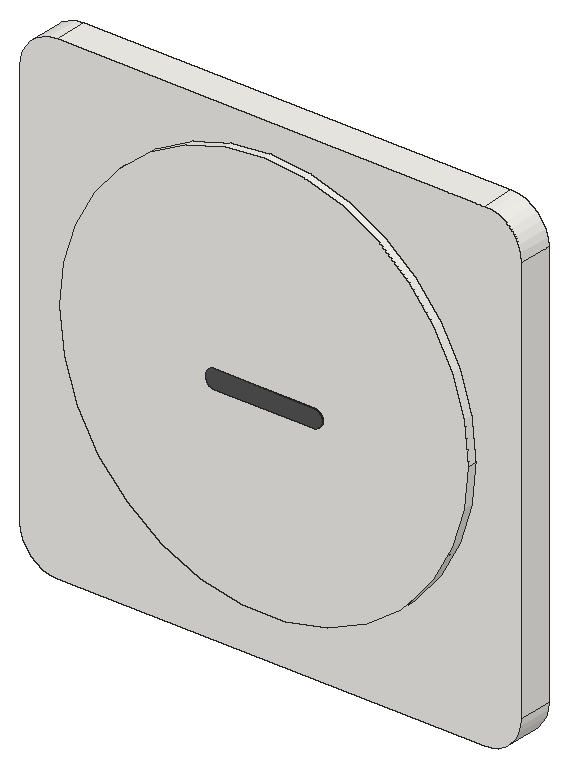
Revit family "DAUF0005", category Generic Models, Revit 2017
Family settings
  Can host rebar = No
  Round Connector Dimension = Use Diameter
  Part Type = Normal
  Work Plane-Based = No
  Always vertical = Yes
  Cut with Voids When Loaded = No
  Shared = No
  Room Calculation Point = No
Parameters
  Website = "https://dolphy.in/"  # constant formula
  Contact Number = "+91 9520202035"  # constant formula
  Contact Email = "info@dolphy.in"  # constant formula
  Company Name = "Dolphy India"  # constant formula
Reference planes
  plane 1 "Center (Front/Back)": y = -1.875
  plane 2: z = 0
  plane 3 "Center (Left/Right)": x = 0
Forms (mm)
  Extrusion 1, solid, material "SILVER"
    sketch origin (0, -5.625, -1050) x (1, 0, 0) y (0, 0, 1)
      loop
        arc (-57.5, 1180) -> (-64.571, 1177.071) -> (-67.5, 1170) r 10
        line (-67.5, 1170) -> (-67.5, 1060)
        arc (-67.5, 1060) -> (-64.571, 1052.929) -> (-57.5, 1050) r 10
        line (-57.5, 1050) -> (57.5, 1050)
        arc (57.5, 1050) -> (64.571, 1052.929) -> (67.5, 1060) r 10
        line (67.5, 1060) -> (67.5, 1170)
        arc (67.5, 1170) -> (64.571, 1177.071) -> (57.5, 1180) r 10
        line (57.5, 1180) -> (-57.5, 1180)
    from 0 to -8.937
  Extrusion 2, solid, material "SILVER"
    sketch origin (0, -5.625, -1050) x (1, 0, 0) y (0, 0, 1)
      loop
        line (-15, 1130) -> (-15, 1100) -> (15, 1100) -> (15, 1130) -> (-15, 1130)
    from -8.937 to -21.937
  Extrusion 3, solid, material "SILVER"
    sketch origin (0, -5.625, -1050) x (1, 0, 0) y (0, 0, 1)
      loop
        circle (0, 1117.472) r 55
    from 0 to 2.271
  Extrusion 4, solid, material "BLACK"
    sketch origin (0, -5.625, 0) x (1, 0, 0) y (0, 0, 1)
      loop
        line (13.266, 67.1) -> (-13.266, 67.1)
        arc (-13.266, 67.1) -> (-15.766, 64.6) -> (-13.266, 62.1) r 2.5
        line (-13.266, 62.1) -> (13.266, 62.1)
        arc (13.266, 62.1) -> (15.766, 64.6) -> (13.266, 67.1) r 2.5
    from 0 to 2.37
Dimensions and locks
  Extrusion 2 sketch curve to Extrusion 2 sketch curve = 30 mm
  Extrusion 1 to Extrusion 2 sketch curve = 50 mm
  aligned and locked: level to plane 2
Automatic sketch dimensions
  Extrusion 1 sketch curve to level = 0 mm
  level to Extrusion 1 sketch curve = 10 mm
  Extrusion 1 sketch curve to plane 3 "Center (Left/Right)" = 67.5 mm
  Extrusion 1 sketch curve to Extrusion 1 sketch curve = 10 mm  (x2)
  plane 3 "Center (Left/Right)" to Extrusion 1 sketch curve = 57.5 mm  (x2)
  Extrusion 1 sketch curve to Extrusion 1 sketch curve = 110 mm
  Extrusion 2 sketch curve to plane 3 "Center (Left/Right)" = 15 mm
  plane 3 "Center (Left/Right)" to Extrusion 2 sketch curve = 15 mm
  level to Extrusion 2 sketch curve = 50 mm
  Extrusion 3 sketch curve to plane 3 "Center (Left/Right)" = 0 mm
  level to Extrusion 3 sketch curve = 67.472 mm
  Extrusion 4 sketch curve to plane 3 "Center (Left/Right)" = 13.266 mm
  plane 3 "Center (Left/Right)" to Extrusion 4 sketch curve = 13.266 mm
  level to Extrusion 4 sketch curve = 62.1 mm
  Extrusion 4 sketch curve to Extrusion 4 sketch curve = 2.5 mm
  radius of Extrusion 3 sketch curve = 55 mm
